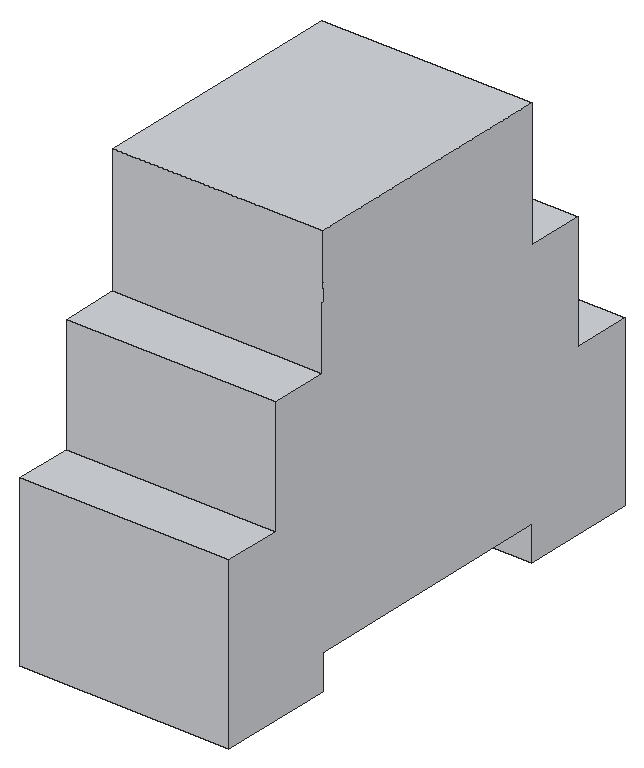
Revit family "Power-ModularDevices-GEWISS-90AM-BUZZER_TRANSFORMER", category Apparecchi elettrici, host Superficie, Revit 2016 (continued)
Definition of nested family "GENERICO - 90AM RONZATORI"
  Automatic sketch dimensions
    curve 229 to curve 231 = 0.215 mm
    Extrusion 1 to curve 318 = 3.269 mm
    curve 317 to curve 318 = 0.215 mm
    Extrusion 1 to curve 230 = 2.731 mm
    Extrusion 1 to curve 320 = 3.484 mm
    curve 318 to curve 320 = 0.519 mm
    curve 316 to curve 316 = 0.519 mm
    curve 308 to curve 315 = 0.519 mm  (x2)
    curve 238 to curve 239 = 0.519 mm
    curve 236 to curve 243 = 0.519 mm
    Extrusion 1 to curve 323 = 2.016 mm
    curve 310 to curve 311 = 0.519 mm
    Extrusion 1 to curve 308 = 7.016 mm
    curve 230 to curve 231 = 0.519 mm
    Extrusion 1 to curve 228 = 3.984 mm
    curve 228 to curve 228 = 0.519 mm
    Extrusion 1 to curve 232 = 2.516 mm
    curve 316 to curve 323 = 0.519 mm
    Extrusion 1 to curve 322 = 2.231 mm
    curve 231 to curve 233 = 0.519 mm
    curve 228 to curve 234 = 0.519 mm
    curve 319 to curve 321 = 0.519 mm
    Extrusion 1 to curve 320 = 3.269 mm
    Extrusion 1 to curve 314 = 7.231 mm
    Extrusion 1 to curve 235 = 3.769 mm
    curve 239 to curve 240 = 0.519 mm
    curve 311 to curve 313 = 0.519 mm
    curve 236 to curve 242 = 0.519 mm
    Extrusion 1 to curve 232 = 2.731 mm
    curve 320 to curve 322 = 0.215 mm
    curve 240 to curve 241 = 0.215 mm
    Extrusion 1 to curve 233 = 3.25 mm
    curve 234 to curve 233 = 0.215 mm
    curve 312 to curve 313 = 0.215 mm
    Extrusion 1 to curve 321 = 2.75 mm
    curve 313 to curve 294 = 3.531 mm
    curve 321 to curve 301 = 3.531 mm
    curve 241 to curve 222 = 3.531 mm
    curve 233 to curve 214 = 3.531 mm
    Extrusion 1 to curve 213 = 3.25 mm
    Extrusion 1 to curve 302 = 2.75 mm
    curve 221 to curve 220 = 0.215 mm
    curve 293 to curve 292 = 0.215 mm
    Extrusion 1 to curve 303 = 3.269 mm
    curve 301 to curve 303 = 0.215 mm
    curve 221 to curve 222 = 0.215 mm
    curve 293 to curve 294 = 0.215 mm
    Extrusion 1 to curve 212 = 3.769 mm
    curve 213 to curve 212 = 0.215 mm
    curve 213 to curve 215 = 0.215 mm
    Extrusion 1 to curve 300 = 2.231 mm
    curve 301 to curve 300 = 0.215 mm
    Extrusion 1 to curve 214 = 2.731 mm
    curve 300 to curve 307 = 0.519 mm
    curve 302 to curve 304 = 0.519 mm
    Extrusion 1 to curve 303 = 3.484 mm
    Extrusion 1 to curve 300 = 2.016 mm
    curve 292 to curve 299 = 0.519 mm  (x2)
    curve 220 to curve 227 = 0.519 mm  (x2)
    curve 214 to curve 215 = 0.519 mm
    curve 294 to curve 296 = 0.519 mm
    curve 222 to curve 223 = 0.519 mm
    Extrusion 1 to curve 216 = 2.516 mm
    Extrusion 1 to curve 219 = 3.984 mm
    curve 212 to curve 219 = 0.519 mm
    curve 300 to curve 306 = 0.519 mm
    Extrusion 1 to curve 216 = 2.731 mm
    curve 215 to curve 216 = 0.519 mm
    Extrusion 1 to curve 305 = 3.269 mm
    curve 303 to curve 305 = 0.519 mm
    curve 212 to curve 218 = 0.519 mm
    Extrusion 1 to curve 219 = 3.769 mm
    curve 295 to curve 297 = 0.519 mm
    curve 223 to curve 224 = 0.519 mm
    Extrusion 1 to curve 307 = 2.231 mm
    curve 224 to curve 226 = 0.215 mm
    curve 296 to curve 297 = 0.215 mm
    curve 218 to curve 218 = 0.215 mm
    Extrusion 1 to curve 217 = 3.25 mm
    curve 304 to curve 305 = 0.215 mm
    Extrusion 1 to curve 306 = 2.75 mm
    curve 303 to curve 299 = 3.531 mm
    curve 292 to curve 293 = 0.215 mm
    curve 292 to curve 298 = 0.215 mm
    curve 356 to curve 357 = 0.519 mm
    curve 292 to curve 293 = 0.519 mm
    curve 314 to curve 314 = 0.519 mm
    curve 298 to curve 297 = 0.519 mm
    curve 361 to curve 361 = 0.519 mm
    curve 297 to curve 297 = 0.519 mm
    curve 293 to curve 295 = 0.519 mm
    curve 309 to curve 310 = 0.519 mm
    curve 313 to curve 312 = 0.519 mm
    curve 357 to curve 359 = 0.519 mm
    curve 296 to curve 296 = 0.215 mm
    curve 312 to curve 311 = 0.215 mm
    curve 358 to curve 360 = 0.215 mm
    curve 243 to curve 238 = 1.254 mm
    curve 220 to curve 243 = 0 mm
    curve 284 to curve 288 = 1.254 mm
    curve 220 to curve 226 = 0.215 mm
    curve 284 to curve 284 = 0.215 mm
    curve 236 to curve 243 = 0.215 mm
    curve 220 to curve 220 = 0.215 mm
    curve 284 to curve 291 = 0.215 mm
    curve 236 to curve 237 = 0.215 mm
    curve 236 to curve 237 = 0.519 mm
    curve 289 to curve 288 = 0.519 mm
    curve 220 to curve 221 = 0.519 mm
    curve 242 to curve 241 = 0.519 mm
    curve 284 to curve 286 = 0.519 mm
    curve 226 to curve 226 = 0.519 mm
    curve 225 to curve 224 = 0.519 mm
    curve 221 to curve 222 = 0.519 mm
    curve 285 to curve 286 = 0.519 mm
    curve 241 to curve 241 = 0.519 mm
    curve 240 to curve 239 = 0.215 mm
    curve 286 to curve 288 = 0.215 mm
    curve 224 to curve 224 = 0.215 mm
    Extrusion 1 to curve 374 = 4.778 mm
    Extrusion 1 to curve 375 = 4.778 mm
    Extrusion 1 to curve 373 = 5.492 mm
    curve 373 to Extrusion 1 = 69.625 mm
    Extrusion 1 to curve 372 = 5.033 mm
    curve 373 to curve 372 = 0 mm
    Extrusion 1 to curve 374 = 4.982 mm
    Extrusion 1 to curve 375 = 5.527 mm
    radius of curve 6 = 2.5 mm
    radius of curve 5 = 2.5 mm
    radius of curve 3 = 2.5 mm
    radius of curve 4 = 2.5 mm
    radius of curve 372 = 2.5 mm
    radius of curve 373 = 2.5 mm
    radius of curve 374 = 2.5 mm
    radius of curve 375 = 2.5 mm
Types (2, lengths in mm): name | URL | Produttore | Descrizione
  (no name) | 0 | "GEWISS" | "RONZATORE CON TRASFORMATORE 230V CA 2MOD."
  GW96408 - BUZZER 230V AC 2M. WITH TRANSFORMER | "https://www.gewiss.com/ww/en" | "GEWISS S.p.A." | "BUZZER 230V AC 2M. WITH TRANSFORMER"
